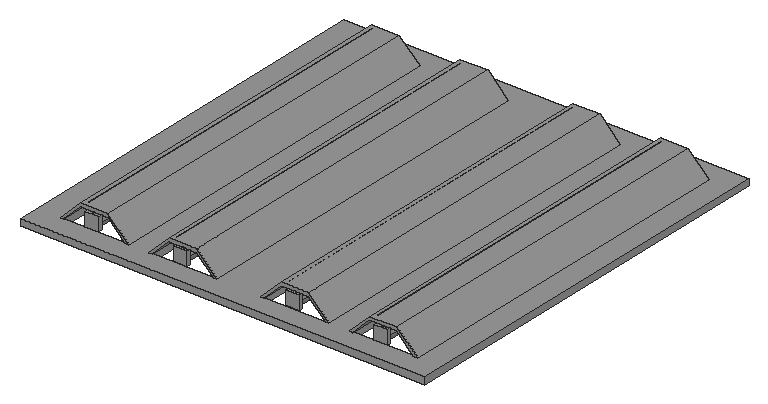
Revit family "ДВО-11 30 Вт 595", category Осветительные приборы, Revit 2019 (continued)
Types (3, lengths in mm): name | Файл фотометрической сетки | built-in parameter 1150142 | built-in parameter 1150134 | built-in parameter 1150107 | Артикул | URL
  ДВО-11-O-30-3K-IP40 | "INNOLUX 14 988 DVO-11-O-30-3K-IP40.ies" | "IESNA:LM-63-1995\r\n[DATA] 27.06.2019\r\n[MANUFAC] INNOLUX\r\n[LUMCAT] 14 988\r\n[LUMINAIRE] DVO-11-O-30-3Ê-IP40\r\n[LAMP] LED 30W 3000K\r\nTILT=NONE\r\n1 3706 3.706 181 9 1 2\r\n0.595 0.595 0.04\r\n1 1 30.0\r\n0 1 2 3 4 5 6 7 8 9 10 11 12 13 14 15 16 17 18 19 20 21 22 23 24 25 26 27 28 29 30 31 32 33 34 35 36 37 38 39 40 41 42 43 44 45 46 47 48 49 50 51 52 53 54 55 56 57 58 59 60 61 62 63 64 65 66 67 68 69 70 71 72 73 74 75 76 77 78 79 80 81 82 83 84 85 86 87 88 89 90 91 92 93 94 95 96 97 98 99 100 101 102 103 104 105 106 107 108 109 110 111 112 113 114 115 116 117 118 119 120 121 122 123 124 125 126 127 128 129 130 131 132 133 134 135 136 137 138 139 140 141 142 143 144 145 146 147 148 149 150 151 152 153 154 155 156 157 158 159 160 161 162 163 164 165 166 167 168 169 170 171 172 173 174 175 176 177 178 179 180 \r\n0 45 90 135 180 225 270 315 360 \r\n510.7 510.7 511 511.2 511.7 512.3 512.8 513.1 513.1 512.7 511.3 508.7 505 499.9 493.3 486 478.7 472.1 466 460.6 455.6 451 446.5 442.2 437.9 433.5 429.1 424.4 419.2 413.7 407.6 401 393.9 386.6 378.9 370.9 362.3 353 343.1 332.3 320.8 308.7 295.7 282.1 267.6 252.5 236.8 220.7 204 187.2 170.2 152.9 135.7 118.3 101.2 84.4 68.2 52.8 38.5 26.1 16.2 9.3 4.9 2.9 2.3 2.1 1.9 1.7 1.6 1.6 1.2 1.1 1.1 1.1 1.1 1.1 1.1 1.1 1.1 0 1.1 1.1 1 1.1 1.1 1.1 1.1 1.1 1.1 1.1 1.1 1.1 1.1 1.2 1.5 1.6 1.6 1.6 1.6 1.6 1.5 1.5 1.6 1.4 1.3 1.5 1.4 1.6 1.6 1.6 1.6 1.6 1.6 1.6 1.6 1.8 1.9 1.9 1.9 1.9 1.9 1.9 1.9 1.9 2.1 2.1 2.1 2.1 2.1 2.1 2.2 2.2 2.4 2.4 2.4 2.4 2.4 2.4 2.4 2.4 2.4 2.5 2.5 2.6 2.6 2.7 2.7 2.7 2.7 2.7 2.7 2.7 2.7 2.8 2.7 2.8 2.9 3.1 3 2.7 2.7 2.7 2.7 2.7 2.7 2.7 1.6 0 0 0 0 0 0 0 0 0 0 0 0 0 0\r\n510.7 510.8 510.5 510.2 508.9 507.9 507 505.7 504.5 503.1 501.3 499.4 497.1 494.3 490.8 486.4 481.7 476.3 470.3 463.6 456.2 448.4 440.8 433.4 426.2 419.4 412.6 405.8 399.3 392.8 386.4 380 373.3 366.7 359.9 353.1 346.1 338.9 331.5 323.8 315.9 307.4 298.7 289.9 280.7 271.2 261.3 251.2 240.6 229.5 218.2 206.6 194.6 182.3 169.8 157.2 144.5 131.8 119 106.4 93.9 81.7 69.7 58.2 47.3 37.3 28.8 21.8 16.7 13.5 11.6 10.4 9.4 8.4 7.4 6.7 5.8 5.1 4.4 3.8 3.3 2.6 2.2 1.9 1.6 1.1 0 0 0 0 0 0 0 0 0 0 0 0 0 0 0 0 1.1 1.1 1.1 1.1 1.1 1.1 1.1 1.1 1.1 1.1 1.2 1.1 1.2 1.6 1.6 1.6 1.6 1.6 1.6 1.6 1.6 1.6 1.6 1.6 1.8 1.9 1.9 1.9 1.9 1.9 1.9 1.9 1.9 1.4 0 0 0 0 0 0 0 0 0 0 0 0 0 0 0 0 0 0 0 0 0 0 0 0 0 0 0 0 0 0 0 0 0 0 0 0 0 0 0 0 0 0 0 0 0\r\n510.7 510.2 509 507.4 505.5 503.5 501.1 498.4 495.5 492.4 489.2 485.6 482 478.1 474.1 469.9 465.6 461.1 456.5 451.5 446.6 441.4 435.9 430.4 424.7 418.7 412.5 406.1 399.4 392.6 385.6 378.5 371.3 363.8 356.4 348.8 341.2 333.3 325.5 317.6 309.6 301.5 293.5 285.2 277 268.7 260.3 251.9 243.2 234.5 225.7 216.9 207.9 198.9 189.9 180.9 172 163 154.3 145.5 136.8 128.1 119.5 110.9 102.3 93.8 85.5 77.4 69.5 62 55 48.4 42.2 36.7 31.9 27.9 24.8 22 19.3 16.8 14.5 12.4 10.4 8.5 6.7 5.1 3.6 2.3 1.4 0 0 0 0 0 0 0 1.1 1.1 1.1 1.1 1.1 1.1 1.1 1.1 1.1 1.3 1.6 1.6 1.6 1.6 1.6 1.6 1.6 1.6 1.6 1.6 1.6 1.8 1.8 1.9 1.9 1.9 1.9 1.9 1.9 1.9 1.9 1.9 1.9 1.9 2 2.1 2.1 2.1 2.1 2.1 2.1 2.1 2.1 2.1 2.3 2.1 2.1 2.3 2.3 2.4 2.4 2.4 2.4 2.4 2.4 2.4 2.3 1.8 0 0 0 0 0 0 0 0 0 0 0 0 0 0 0 0 0 0 0 0 0 0 0 0 0 0 0\r\n510.7 510.8 510.5 510.2 508.9 507.9 507 505.7 504.5 503.1 501.3 499.4 497.1 494.3 490.8 486.4 481.7 476.3 470.3 463.6 456.2 448.4 440.8 433.4 426.2 419.4 412.6 405.8 399.3 392.8 386.4 380 373.3 366.7 359.9 353.1 346.1 338.9 331.5 323.8 315.9 307.4 298.7 289.9 280.7 271.2 261.3 251.2 240.6 229.5 218.2 206.6 194.6 182.3 169.8 157.2 144.5 131.8 119 106.4 93.9 81.7 69.7 58.2 47.3 37.3 28.8 21.8 16.7 13.5 11.6 10.4 9.4 8.4 7.4 6.7 5.8 5.1 4.4 3.8 3.3 2.6 2.2 1.9 1.6 1.1 0 0 0 0 0 0 0 0 0 0 0 0 0 0 0 0 1.1 1.1 1.1 1.1 1.1 1.1 1.1 1.1 1.1 1.1 1.2 1.1 1.2 1.6 1.6 1.6 1.6 1.6 1.6 1.6 1.6 1.6 1.6 1.6 1.8 1.9 1.9 1.9 1.9 1.9 1.9 1.9 1.9 1.4 0 0 0 0 0 0 0 0 0 0 0 0 0 0 0 0 0 0 0 0 0 0 0 0 0 0 0 0 0 0 0 0 0 0 0 0 0 0 0 0 0 0 0 0 0\r\n510.7 510.8 511.1 511.4 511.9 512.4 512.7 512.8 512.8 511.8 509.6 506.1 501.6 496 489.7 482.9 476.2 470 464.6 459.6 454.9 450.5 446.2 441.9 437.7 433.4 429.1 424.4 419.1 413.4 407.2 400.8 394 387 379.6 371.8 363.4 354.3 344.6 334 322.6 310.2 296.9 282.9 268 252.4 236.5 220.2 204 187.5 171.2 155 138.7 122.7 106.5 90.3 74.2 58.6 43.8 30.3 19.2 11.2 6.1 3.2 2.1 1.8 1.6 1.1 0 0 0 0 0 0 0 0 0 0 0 0 0 0 0 0 0 0 0 0 0 0 0 0 0 0 0 0 0 0 0 0 0 0 0 0 0 0 0 0 0 0 0 0 0 0 0 0 0 0 0 0 0 0 0 0 0 0 1.1 0 0 0 0 0 0 0 0 0 0 0 0 0 0 0 0 0 0 0 0 0 0 0 0 0 0 0 0 0 0 0 0 0 0 0 0 0 0 0 0 0 0 0 0 0 0 0 0 0 0 0 0 0 0\r\n510.7 510.8 510.5 510.2 508.9 507.9 507 505.7 504.5 503.1 501.3 499.4 497.1 494.3 490.8 486.4 481.7 476.3 470.3 463.6 456.2 448.4 440.8 433.4 426.2 419.4 412.6 405.8 399.3 392.8 386.4 380 373.3 366.7 359.9 353.1 346.1 338.9 331.5 323.8 315.9 307.4 298.7 289.9 280.7 271.2 261.3 251.2 240.6 229.5 218.2 206.6 194.6 182.3 169.8 157.2 144.5 131.8 119 106.4 93.9 81.7 69.7 58.2 47.3 37.3 28.8 21.8 16.7 13.5 11.6 10.4 9.4 8.4 7.4 6.7 5.8 5.1 4.4 3.8 3.3 2.6 2.2 1.9 1.6 1.1 0 0 0 0 0 0 0 0 0 0 0 0 0 0 0 0 1.1 1.1 1.1 1.1 1.1 1.1 1.1 1.1 1.1 1.1 1.2 1.1 1.2 1.6 1.6 1.6 1.6 1.6 1.6 1.6 1.6 1.6 1.6 1.6 1.8 1.9 1.9 1.9 1.9 1.9 1.9 1.9 1.9 1.4 0 0 0 0 0 0 0 0 0 0 0 0 0 0 0 0 0 0 0 0 0 0 0 0 0 0 0 0 0 0 0 0 0 0 0 0 0 0 0 0 0 0 0 0 0\r\n510.7 509.9 507.9 506.2 504.2 501.9 499.4 496.6 493.6 490.7 487.3 483.8 480.2 476.4 472.3 468.2 463.8 459.4 454.7 449.9 444.9 439.6 434.4 428.9 423.1 417.2 411 404.7 398.2 391.4 384.5 377.6 370.5 363.3 355.9 348.4 340.8 333.1 325.3 317.5 309.5 301.6 293.4 285.2 277 268.7 260.3 251.9 243.1 234.4 225.7 216.9 208 199 190.1 181.1 172.3 163.4 154.7 146 137.3 128.6 120 111.4 102.9 94.5 86.1 78 70.1 62.6 55.5 48.9 42.9 37.2 32.3 28.3 25 22.1 19.4 16.8 14.4 12.2 10.2 8.3 6.6 4.9 3.3 2 0 0 0 0 0 0 0 0 0 0 0 0 0 0 0 0 0 0 0 0 0 0 0 0 0 0 0 1.1 1 1.1 1.1 1.1 1.1 1.1 1.1 1.1 1.1 1.1 1.1 1.1 1.1 1.1 1.1 1.2 1.5 1.6 1.6 1.6 1.6 1.6 0 0 0 0 0 0 0 0 0 0 0 0 0 0 0 0 0 0 0 0 0 0 0 0 0 0 0 0 0 0 0 0 0 0 0 0 0 0 0 0 0 0 0\r\n510.7 510.8 510.5 510.2 508.9 507.9 507 505.7 504.5 503.1 501.3 499.4 497.1 494.3 490.8 486.4 481.7 476.3 470.3 463.6 456.2 448.4 440.8 433.4 426.2 419.4 412.6 405.8 399.3 392.8 386.4 380 373.3 366.7 359.9 353.1 346.1 338.9 331.5 323.8 315.9 307.4 298.7 289.9 280.7 271.2 261.3 251.2 240.6 229.5 218.2 206.6 194.6 182.3 169.8 157.2 144.5 131.8 119 106.4 93.9 81.7 69.7 58.2 47.3 37.3 28.8 21.8 16.7 13.5 11.6 10.4 9.4 8.4 7.4 6.7 5.8 5.1 4.4 3.8 3.3 2.6 2.2 1.9 1.6 1.1 0 0 0 0 0 0 0 0 0 0 0 0 0 0 0 0 1.1 1.1 1.1 1.1 1.1 1.1 1.1 1.1 1.1 1.1 1.2 1.1 1.2 1.6 1.6 1.6 1.6 1.6 1.6 1.6 1.6 1.6 1.6 1.6 1.8 1.9 1.9 1.9 1.9 1.9 1.9 1.9 1.9 1.4 0 0 0 0 0 0 0 0 0 0 0 0 0 0 0 0 0 0 0 0 0 0 0 0 0 0 0 0 0 0 0 0 0 0 0 0 0 0 0 0 0 0 0 0 0\r\n510.7 510.7 511 511.2 511.7 512.3 512.8 513.1 513.1 512.7 511.3 508.7 505 499.9 493.3 486 478.7 472.1 466 460.6 455.6 451 446.5 442.2 437.9 433.5 429.1 424.4 419.2 413.7 407.6 401 393.9 386.6 378.9 370.9 362.3 353 343.1 332.3 320.8 308.7 295.7 282.1 267.6 252.5 236.8 220.7 204 187.2 170.2 152.9 135.7 118.3 101.2 84.4 68.2 52.8 38.5 26.1 16.2 9.3 4.9 2.9 2.3 2.1 1.9 1.7 1.6 1.6 1.2 1.1 1.1 1.1 1.1 1.1 1.1 1.1 1.1 0 1.1 1.1 1 1.1 1.1 1.1 1.1 1.1 1.1 1.1 1.1 1.1 1.1 1.2 1.5 1.6 1.6 1.6 1.6 1.6 1.5 1.5 1.6 1.4 1.3 1.5 1.4 1.6 1.6 1.6 1.6 1.6 1.6 1.6 1.6 1.8 1.9 1.9 1.9 1.9 1.9 1.9 1.9 1.9 2.1 2.1 2.1 2.1 2.1 2.1 2.2 2.2 2.4 2.4 2.4 2.4 2.4 2.4 2.4 2.4 2.4 2.5 2.5 2.6 2.6 2.7 2.7 2.7 2.7 2.7 2.7 2.7 2.7 2.8 2.7 2.8 2.9 3.1 3 2.7 2.7 2.7 2.7 2.7 2.7 2.7 1.6 0 0 0 0 0 0 0 0 0 0 0 0 0 0\r\n" | (empty or 0) | 3000 (stored number, unit not read) | "14 988" | "http://innolux.pro/katalog/administrativno-ofisnoe-osveshhenie/dvo-11-30-vt-595/14988.html"
  ДВО-11-O-30-4K-IP40 | "INNOLUX 14 992 DVO-11-O-30-4K-IP40.ies" | "IESNA:LM-63-1995\r\n[DATA] 27.06.2019\r\n[MANUFAC] INNOLUX\r\n[LUMCAT] 14 992\r\n[LUMINAIRE] DVO-11-O-30-4Ê-IP40\r\n[LAMP] LED 30W 4000K\r\nTILT=NONE\r\n1 3706 3.706 181 9 1 2\r\n0.595 0.595 0.04\r\n1 1 30.0\r\n0 1 2 3 4 5 6 7 8 9 10 11 12 13 14 15 16 17 18 19 20 21 22 23 24 25 26 27 28 29 30 31 32 33 34 35 36 37 38 39 40 41 42 43 44 45 46 47 48 49 50 51 52 53 54 55 56 57 58 59 60 61 62 63 64 65 66 67 68 69 70 71 72 73 74 75 76 77 78 79 80 81 82 83 84 85 86 87 88 89 90 91 92 93 94 95 96 97 98 99 100 101 102 103 104 105 106 107 108 109 110 111 112 113 114 115 116 117 118 119 120 121 122 123 124 125 126 127 128 129 130 131 132 133 134 135 136 137 138 139 140 141 142 143 144 145 146 147 148 149 150 151 152 153 154 155 156 157 158 159 160 161 162 163 164 165 166 167 168 169 170 171 172 173 174 175 176 177 178 179 180 \r\n0 45 90 135 180 225 270 315 360 \r\n510.7 510.7 511 511.2 511.7 512.3 512.8 513.1 513.1 512.7 511.3 508.7 505 499.9 493.3 486 478.7 472.1 466 460.6 455.6 451 446.5 442.2 437.9 433.5 429.1 424.4 419.2 413.7 407.6 401 393.9 386.6 378.9 370.9 362.3 353 343.1 332.3 320.8 308.7 295.7 282.1 267.6 252.5 236.8 220.7 204 187.2 170.2 152.9 135.7 118.3 101.2 84.4 68.2 52.8 38.5 26.1 16.2 9.3 4.9 2.9 2.3 2.1 1.9 1.7 1.6 1.6 1.2 1.1 1.1 1.1 1.1 1.1 1.1 1.1 1.1 0 1.1 1.1 1 1.1 1.1 1.1 1.1 1.1 1.1 1.1 1.1 1.1 1.1 1.2 1.5 1.6 1.6 1.6 1.6 1.6 1.5 1.5 1.6 1.4 1.3 1.5 1.4 1.6 1.6 1.6 1.6 1.6 1.6 1.6 1.6 1.8 1.9 1.9 1.9 1.9 1.9 1.9 1.9 1.9 2.1 2.1 2.1 2.1 2.1 2.1 2.2 2.2 2.4 2.4 2.4 2.4 2.4 2.4 2.4 2.4 2.4 2.5 2.5 2.6 2.6 2.7 2.7 2.7 2.7 2.7 2.7 2.7 2.7 2.8 2.7 2.8 2.9 3.1 3 2.7 2.7 2.7 2.7 2.7 2.7 2.7 1.6 0 0 0 0 0 0 0 0 0 0 0 0 0 0\r\n510.7 510.8 510.5 510.2 508.9 507.9 507 505.7 504.5 503.1 501.3 499.4 497.1 494.3 490.8 486.4 481.7 476.3 470.3 463.6 456.2 448.4 440.8 433.4 426.2 419.4 412.6 405.8 399.3 392.8 386.4 380 373.3 366.7 359.9 353.1 346.1 338.9 331.5 323.8 315.9 307.4 298.7 289.9 280.7 271.2 261.3 251.2 240.6 229.5 218.2 206.6 194.6 182.3 169.8 157.2 144.5 131.8 119 106.4 93.9 81.7 69.7 58.2 47.3 37.3 28.8 21.8 16.7 13.5 11.6 10.4 9.4 8.4 7.4 6.7 5.8 5.1 4.4 3.8 3.3 2.6 2.2 1.9 1.6 1.1 0 0 0 0 0 0 0 0 0 0 0 0 0 0 0 0 1.1 1.1 1.1 1.1 1.1 1.1 1.1 1.1 1.1 1.1 1.2 1.1 1.2 1.6 1.6 1.6 1.6 1.6 1.6 1.6 1.6 1.6 1.6 1.6 1.8 1.9 1.9 1.9 1.9 1.9 1.9 1.9 1.9 1.4 0 0 0 0 0 0 0 0 0 0 0 0 0 0 0 0 0 0 0 0 0 0 0 0 0 0 0 0 0 0 0 0 0 0 0 0 0 0 0 0 0 0 0 0 0\r\n510.7 510.2 509 507.4 505.5 503.5 501.1 498.4 495.5 492.4 489.2 485.6 482 478.1 474.1 469.9 465.6 461.1 456.5 451.5 446.6 441.4 435.9 430.4 424.7 418.7 412.5 406.1 399.4 392.6 385.6 378.5 371.3 363.8 356.4 348.8 341.2 333.3 325.5 317.6 309.6 301.5 293.5 285.2 277 268.7 260.3 251.9 243.2 234.5 225.7 216.9 207.9 198.9 189.9 180.9 172 163 154.3 145.5 136.8 128.1 119.5 110.9 102.3 93.8 85.5 77.4 69.5 62 55 48.4 42.2 36.7 31.9 27.9 24.8 22 19.3 16.8 14.5 12.4 10.4 8.5 6.7 5.1 3.6 2.3 1.4 0 0 0 0 0 0 0 1.1 1.1 1.1 1.1 1.1 1.1 1.1 1.1 1.1 1.3 1.6 1.6 1.6 1.6 1.6 1.6 1.6 1.6 1.6 1.6 1.6 1.8 1.8 1.9 1.9 1.9 1.9 1.9 1.9 1.9 1.9 1.9 1.9 1.9 2 2.1 2.1 2.1 2.1 2.1 2.1 2.1 2.1 2.1 2.3 2.1 2.1 2.3 2.3 2.4 2.4 2.4 2.4 2.4 2.4 2.4 2.3 1.8 0 0 0 0 0 0 0 0 0 0 0 0 0 0 0 0 0 0 0 0 0 0 0 0 0 0 0\r\n510.7 510.8 510.5 510.2 508.9 507.9 507 505.7 504.5 503.1 501.3 499.4 497.1 494.3 490.8 486.4 481.7 476.3 470.3 463.6 456.2 448.4 440.8 433.4 426.2 419.4 412.6 405.8 399.3 392.8 386.4 380 373.3 366.7 359.9 353.1 346.1 338.9 331.5 323.8 315.9 307.4 298.7 289.9 280.7 271.2 261.3 251.2 240.6 229.5 218.2 206.6 194.6 182.3 169.8 157.2 144.5 131.8 119 106.4 93.9 81.7 69.7 58.2 47.3 37.3 28.8 21.8 16.7 13.5 11.6 10.4 9.4 8.4 7.4 6.7 5.8 5.1 4.4 3.8 3.3 2.6 2.2 1.9 1.6 1.1 0 0 0 0 0 0 0 0 0 0 0 0 0 0 0 0 1.1 1.1 1.1 1.1 1.1 1.1 1.1 1.1 1.1 1.1 1.2 1.1 1.2 1.6 1.6 1.6 1.6 1.6 1.6 1.6 1.6 1.6 1.6 1.6 1.8 1.9 1.9 1.9 1.9 1.9 1.9 1.9 1.9 1.4 0 0 0 0 0 0 0 0 0 0 0 0 0 0 0 0 0 0 0 0 0 0 0 0 0 0 0 0 0 0 0 0 0 0 0 0 0 0 0 0 0 0 0 0 0\r\n510.7 510.8 511.1 511.4 511.9 512.4 512.7 512.8 512.8 511.8 509.6 506.1 501.6 496 489.7 482.9 476.2 470 464.6 459.6 454.9 450.5 446.2 441.9 437.7 433.4 429.1 424.4 419.1 413.4 407.2 400.8 394 387 379.6 371.8 363.4 354.3 344.6 334 322.6 310.2 296.9 282.9 268 252.4 236.5 220.2 204 187.5 171.2 155 138.7 122.7 106.5 90.3 74.2 58.6 43.8 30.3 19.2 11.2 6.1 3.2 2.1 1.8 1.6 1.1 0 0 0 0 0 0 0 0 0 0 0 0 0 0 0 0 0 0 0 0 0 0 0 0 0 0 0 0 0 0 0 0 0 0 0 0 0 0 0 0 0 0 0 0 0 0 0 0 0 0 0 0 0 0 0 0 0 0 1.1 0 0 0 0 0 0 0 0 0 0 0 0 0 0 0 0 0 0 0 0 0 0 0 0 0 0 0 0 0 0 0 0 0 0 0 0 0 0 0 0 0 0 0 0 0 0 0 0 0 0 0 0 0 0\r\n510.7 510.8 510.5 510.2 508.9 507.9 507 505.7 504.5 503.1 501.3 499.4 497.1 494.3 490.8 486.4 481.7 476.3 470.3 463.6 456.2 448.4 440.8 433.4 426.2 419.4 412.6 405.8 399.3 392.8 386.4 380 373.3 366.7 359.9 353.1 346.1 338.9 331.5 323.8 315.9 307.4 298.7 289.9 280.7 271.2 261.3 251.2 240.6 229.5 218.2 206.6 194.6 182.3 169.8 157.2 144.5 131.8 119 106.4 93.9 81.7 69.7 58.2 47.3 37.3 28.8 21.8 16.7 13.5 11.6 10.4 9.4 8.4 7.4 6.7 5.8 5.1 4.4 3.8 3.3 2.6 2.2 1.9 1.6 1.1 0 0 0 0 0 0 0 0 0 0 0 0 0 0 0 0 1.1 1.1 1.1 1.1 1.1 1.1 1.1 1.1 1.1 1.1 1.2 1.1 1.2 1.6 1.6 1.6 1.6 1.6 1.6 1.6 1.6 1.6 1.6 1.6 1.8 1.9 1.9 1.9 1.9 1.9 1.9 1.9 1.9 1.4 0 0 0 0 0 0 0 0 0 0 0 0 0 0 0 0 0 0 0 0 0 0 0 0 0 0 0 0 0 0 0 0 0 0 0 0 0 0 0 0 0 0 0 0 0\r\n510.7 509.9 507.9 506.2 504.2 501.9 499.4 496.6 493.6 490.7 487.3 483.8 480.2 476.4 472.3 468.2 463.8 459.4 454.7 449.9 444.9 439.6 434.4 428.9 423.1 417.2 411 404.7 398.2 391.4 384.5 377.6 370.5 363.3 355.9 348.4 340.8 333.1 325.3 317.5 309.5 301.6 293.4 285.2 277 268.7 260.3 251.9 243.1 234.4 225.7 216.9 208 199 190.1 181.1 172.3 163.4 154.7 146 137.3 128.6 120 111.4 102.9 94.5 86.1 78 70.1 62.6 55.5 48.9 42.9 37.2 32.3 28.3 25 22.1 19.4 16.8 14.4 12.2 10.2 8.3 6.6 4.9 3.3 2 0 0 0 0 0 0 0 0 0 0 0 0 0 0 0 0 0 0 0 0 0 0 0 0 0 0 0 1.1 1 1.1 1.1 1.1 1.1 1.1 1.1 1.1 1.1 1.1 1.1 1.1 1.1 1.1 1.1 1.2 1.5 1.6 1.6 1.6 1.6 1.6 0 0 0 0 0 0 0 0 0 0 0 0 0 0 0 0 0 0 0 0 0 0 0 0 0 0 0 0 0 0 0 0 0 0 0 0 0 0 0 0 0 0 0\r\n510.7 510.8 510.5 510.2 508.9 507.9 507 505.7 504.5 503.1 501.3 499.4 497.1 494.3 490.8 486.4 481.7 476.3 470.3 463.6 456.2 448.4 440.8 433.4 426.2 419.4 412.6 405.8 399.3 392.8 386.4 380 373.3 366.7 359.9 353.1 346.1 338.9 331.5 323.8 315.9 307.4 298.7 289.9 280.7 271.2 261.3 251.2 240.6 229.5 218.2 206.6 194.6 182.3 169.8 157.2 144.5 131.8 119 106.4 93.9 81.7 69.7 58.2 47.3 37.3 28.8 21.8 16.7 13.5 11.6 10.4 9.4 8.4 7.4 6.7 5.8 5.1 4.4 3.8 3.3 2.6 2.2 1.9 1.6 1.1 0 0 0 0 0 0 0 0 0 0 0 0 0 0 0 0 1.1 1.1 1.1 1.1 1.1 1.1 1.1 1.1 1.1 1.1 1.2 1.1 1.2 1.6 1.6 1.6 1.6 1.6 1.6 1.6 1.6 1.6 1.6 1.6 1.8 1.9 1.9 1.9 1.9 1.9 1.9 1.9 1.9 1.4 0 0 0 0 0 0 0 0 0 0 0 0 0 0 0 0 0 0 0 0 0 0 0 0 0 0 0 0 0 0 0 0 0 0 0 0 0 0 0 0 0 0 0 0 0\r\n510.7 510.7 511 511.2 511.7 512.3 512.8 513.1 513.1 512.7 511.3 508.7 505 499.9 493.3 486 478.7 472.1 466 460.6 455.6 451 446.5 442.2 437.9 433.5 429.1 424.4 419.2 413.7 407.6 401 393.9 386.6 378.9 370.9 362.3 353 343.1 332.3 320.8 308.7 295.7 282.1 267.6 252.5 236.8 220.7 204 187.2 170.2 152.9 135.7 118.3 101.2 84.4 68.2 52.8 38.5 26.1 16.2 9.3 4.9 2.9 2.3 2.1 1.9 1.7 1.6 1.6 1.2 1.1 1.1 1.1 1.1 1.1 1.1 1.1 1.1 0 1.1 1.1 1 1.1 1.1 1.1 1.1 1.1 1.1 1.1 1.1 1.1 1.1 1.2 1.5 1.6 1.6 1.6 1.6 1.6 1.5 1.5 1.6 1.4 1.3 1.5 1.4 1.6 1.6 1.6 1.6 1.6 1.6 1.6 1.6 1.8 1.9 1.9 1.9 1.9 1.9 1.9 1.9 1.9 2.1 2.1 2.1 2.1 2.1 2.1 2.2 2.2 2.4 2.4 2.4 2.4 2.4 2.4 2.4 2.4 2.4 2.5 2.5 2.6 2.6 2.7 2.7 2.7 2.7 2.7 2.7 2.7 2.7 2.8 2.7 2.8 2.9 3.1 3 2.7 2.7 2.7 2.7 2.7 2.7 2.7 1.6 0 0 0 0 0 0 0 0 0 0 0 0 0 0\r\n" | 12 | 4000 (stored number, unit not read) | "14 992" | "http://innolux.pro/katalog/administrativno-ofisnoe-osveshhenie/dvo-11-30-vt-595/14992.html"
